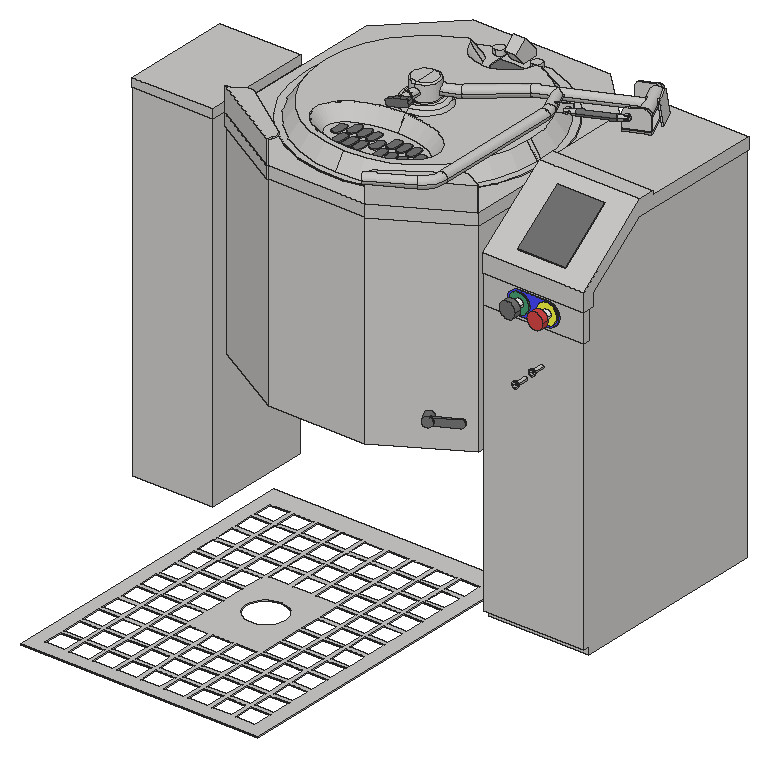
Revit family "QF_DIETATEC_CELER_40_180516034909", category Specialty Equipment, Revit 2015
Parameters
  Width [instance] = 1154 mm
  Weight in Pounds [instance] = 330.69
  Volts [instance] = 400 V
  URL Cutsheet [instance] = ""
  URL = "www.dietatec.com"
  Status [instance] = ""
  Specification by User [instance] = ""
  Specification by Manufacturer [instance] = ""
  Serial Number [instance] = "CELER_40"
  Seismic Rating [instance] = ""
  SMACNA No [instance] = ""
  Revision Code [instance] = ""
  Phase [instance] = 0
  Number of Poles [instance] = 3
  NAFEM Spec ID Number [instance] = ""
  Model = "57630"
  Min Ckt Ampacity [instance] = 0 A
  Max Overcurrent Protection [instance] = 0 A
  Masterspec [instance] = ""
  Manufacturer = "DIETATEC"
  ListPrice [instance] = 0
  Item Number [instance] = ""
  Installed By [instance] = ""
  Identify Quantity as Lot [instance] = yes
  Height [instance] = 1000 mm
  HP [instance] = ""
  Furnished By [instance] = ""
  Foodservice Equipment Identifier [instance] = yes
  FL Amps [instance] = 32 A
  Elec Conn RI Height [instance] = 0 mm
  Elec Conn Connection Height [instance] = 120 mm
  Description = "DIETA CELER 40 KETTLE, ELECTRIC MODEL"
  Depth [instance] = 770 mm
  Cycle [instance] = 50 Hz
  Conn Plug [instance] = ""
  Conn Conduit [instance] = yes
  CSI MasterFormat [instance] = ""
  Assembly Code = "E1090320"
  Apparent Power [instance] = 14500 VA
Reference planes
  plane 1 "Center (Front/Back)": y = 0
  plane 2: z = 0
  plane 3 "Center (Left/Right)": x = 0
Forms (mm)
  Extrusion 1, solid, not visible
    sketch origin (803.5, -97.5, 120) x (1, 0, 0) y (0, 1, 0)
      loop
        line (0, 0) -> (2, 0) -> (2, 2) -> (0, 2) -> (0, 0)
    from 0 to 2
Dimensions and locks
  aligned and locked: level to plane 2
Nested families
  nested 1: "QF_Dietatec_CELER_40_FL" at (0, 0, 0), type "57630_400_3"
    with Width 1154 mm, Status "", Specification by User "", Show Logo yes, Show Clearance yes, Revision Code "", Plumbing Remarks "", Plumbing Connection Type "", Number of Poles 3, ListPrice 0, Item Number "", Installed By "", Identify Quantity as Lot no, Height 1000 mm, Furnished By "", Foodservice Equipment Identifier yes, Electrical Remarks "", Electric Connection Type "", Elec Conn RI Height 0 mm, Elec Conn Connection Height 120 mm, Depth 770 mm, Conn Conduit no, Cold Water RI Height 120 mm, Cold Water Flow 0.0 L/s, Cold Water Consumption "", Cold Water Connection Height 120 mm
  nested 2: "QF_Dietatec_KETTLE_LEFT_LEG" at (0, 0, 0), type "KETTLE_LEFT_LEG"
    with Width 275 mm, Status "", Specification by User "", Show Logo yes, Show Clearance yes, Revision Code "", ListPrice 0, Item Number "", Installed By "", Identify Quantity as Lot no, Height 900 mm, Furnished By "", Foodservice Equipment Identifier yes, Depth 200 mm
Connectors
  electrical at (804.5, -95.5, 121), driven by "Volts"
    settings: on Extrusion 1, index 1, voltage 400 V, apparent load 14500 VA, apparent load phase1 0 VA, apparent load phase2 0 VA, apparent load phase3 0 VA, power factor 1, load classification "Other", number of poles 1, system type 30, power factor state 1, is connector primary yes, connector utility no, sub classification motor no, connector description "Electrical connection"
Definition of nested family "QF_Dietatec_CELER_40_FL"
  Parameters (values of type "57630_400_3")
    Width [instance] = 0 mm
    Weight in Pounds = 330.693
    Watts = 14500 W
    Volts = 400 V
    URL Cutsheet = "www.dietatec.com"
    URL = "www.dietatec.com"
    Status [instance] = ""
    Specification by User [instance] = ""
    Specification by Manufacturer = ""
    Show Logo [instance] = yes
    Show Clearance [instance] = yes
    Serial Number = ""
    Seismic Rating = ""
    SMACNA No = ""
    Revision Code [instance] = ""
    Plumbing Remarks [instance] = ""
    Plumbing Connection Type [instance] = ""
    Phase = 3
    Number of Poles [instance] = 3
    NAFEM Spec ID Number = ""
    Model = "57630.000000000000"
    Min Ckt Ampacity = 0 A
    Max Overcurrent Protection = 0 A
    Masterspec = ""
    Manufacturer = "DIETATEC"
    ListPrice [instance] = 0
    Item Number [instance] = ""
    Installed By [instance] = ""
    Identify Quantity as Lot [instance] = no
    Height [instance] = 0 mm
    HP = "19.444790000000"
    Furnished By [instance] = ""
    Foodservice Equipment Identifier [instance] = yes
    FL Amps = 32 A
    Electrical Remarks [instance] = ""
    Electric Connection Type [instance] = ""
    Elec Conn RI Height [instance] = 0 mm
    Elec Conn Connection Height [instance] = 120 mm
    Description = "DIETA CELER 40 KETTLE, ELECTRIC MODEL"
    Depth [instance] = 0 mm
    Cycle = 50 Hz
    Conn Plug = ""
    Conn Conduit [instance] = no
    Cold Water Temperature Recommended = 0 °C
    Cold Water Size = 12.7 mm
    Cold Water RI Height [instance] = 120 mm
    Cold Water Minimum Pressure = 20000.0 Pa
    Cold Water Maximum Pressure = 50000.0 Pa
    Cold Water Flow [instance] = 0.0 L/s
    Cold Water Consumption [instance] = ""
    Cold Water Connection Height [instance] = 120 mm
    CSI MasterFormat = ""
    Assembly Code = "E1090320"
    Apparent Power = 14500 VA
  Reference planes
    plane 1 "Back": y = 0
    plane 2: z = 0
    plane 3 "Left": x = 0
    plane 4 "Right": x = 950.5
    plane 5 "Front": y = -769.992
    plane 6 "Top": z = 1000
  Forms (mm)
    Extrusion 1, solid
      sketch origin (1853.203, 903.185, 150) x (1, 0, 0) y (0, 1, 0)
        loop
          line (-1804.703, -1372.685) -> (-1804.703, -2172.685) -> (-1204.703, -2172.685) -> (-1204.703, -1372.685) -> (-1804.703, -1372.685)
        loop
          line (-1769.703, -1427.685) -> (-1769.703, -1477.685) -> (-1719.703, -1477.685) -> (-1719.703, -1427.685) -> (-1769.703, -1427.685)
        loop
          line (-1709.703, -1427.685) -> (-1709.703, -1477.685) -> (-1659.703, -1477.685) -> (-1659.703, -1427.685) -> (-1709.703, -1427.685)
        loop
          line (-1649.703, -1427.685) -> (-1649.703, -1477.685) -> (-1599.703, -1477.685) -> (-1599.703, -1427.685) -> (-1649.703, -1427.685)
        loop
          line (-1589.703, -1427.685) -> (-1589.703, -1477.685) -> (-1539.703, -1477.685) -> (-1539.703, -1427.685) -> (-1589.703, -1427.685)
        loop
          line (-1529.703, -1427.685) -> (-1529.703, -1477.685) -> (-1479.703, -1477.685) -> (-1479.703, -1427.685) -> (-1529.703, -1427.685)
        loop
          line (-1469.703, -1427.685) -> (-1469.703, -1477.685) -> (-1419.703, -1477.685) -> (-1419.703, -1427.685) -> (-1469.703, -1427.685)
        loop
          line (-1409.703, -1427.685) -> (-1409.703, -1477.685) -> (-1359.703, -1477.685) -> (-1359.703, -1427.685) -> (-1409.703, -1427.685)
        loop
          line (-1349.703, -1427.685) -> (-1349.703, -1477.685) -> (-1299.703, -1477.685) -> (-1299.703, -1427.685) -> (-1349.703, -1427.685)
        loop
          line (-1289.703, -1427.685) -> (-1289.703, -1477.685) -> (-1239.703, -1477.685) -> (-1239.703, -1427.685) -> (-1289.703, -1427.685)
        loop
          line (-1769.703, -1487.685) -> (-1769.703, -1537.685) -> (-1719.703, -1537.685) -> (-1719.703, -1487.685) -> (-1769.703, -1487.685)
        loop
          line (-1709.703, -1487.685) -> (-1709.703, -1537.685) -> (-1659.703, -1537.685) -> (-1659.703, -1487.685) -> (-1709.703, -1487.685)
        loop
          line (-1649.703, -1487.685) -> (-1649.703, -1537.685) -> (-1599.703, -1537.685) -> (-1599.703, -1487.685) -> (-1649.703, -1487.685)
        loop
          line (-1589.703, -1487.685) -> (-1589.703, -1537.685) -> (-1539.703, -1537.685) -> (-1539.703, -1487.685) -> (-1589.703, -1487.685)
        loop
          line (-1529.703, -1487.685) -> (-1529.703, -1537.685) -> (-1479.703, -1537.685) -> (-1479.703, -1487.685) -> (-1529.703, -1487.685)
        loop
          line (-1469.703, -1487.685) -> (-1469.703, -1537.685) -> (-1419.703, -1537.685) -> (-1419.703, -1487.685) -> (-1469.703, -1487.685)
        loop
          line (-1409.703, -1487.685) -> (-1409.703, -1537.685) -> (-1359.703, -1537.685) -> (-1359.703, -1487.685) -> (-1409.703, -1487.685)
        loop
          line (-1349.703, -1487.685) -> (-1349.703, -1537.685) -> (-1299.703, -1537.685) -> (-1299.703, -1487.685) -> (-1349.703, -1487.685)
        loop
          line (-1289.703, -1487.685) -> (-1289.703, -1537.685) -> (-1239.703, -1537.685) -> (-1239.703, -1487.685) -> (-1289.703, -1487.685)
        loop
          line (-1769.703, -1547.685) -> (-1769.703, -1597.685) -> (-1719.703, -1597.685) -> (-1719.703, -1547.685) -> (-1769.703, -1547.685)
        loop
          line (-1709.703, -1547.685) -> (-1709.703, -1597.685) -> (-1659.703, -1597.685) -> (-1659.703, -1547.685) -> (-1709.703, -1547.685)
        loop
          line (-1649.703, -1547.685) -> (-1649.703, -1597.685) -> (-1599.703, -1597.685) -> (-1599.703, -1547.685) -> (-1649.703, -1547.685)
        loop
          line (-1589.703, -1547.685) -> (-1589.703, -1597.685) -> (-1539.703, -1597.685) -> (-1539.703, -1547.685) -> (-1589.703, -1547.685)
        loop
          line (-1529.703, -1547.685) -> (-1529.703, -1597.685) -> (-1479.703, -1597.685) -> (-1479.703, -1547.685) -> (-1529.703, -1547.685)
        loop
          line (-1469.703, -1547.685) -> (-1469.703, -1597.685) -> (-1419.703, -1597.685) -> (-1419.703, -1547.685) -> (-1469.703, -1547.685)
        loop
          line (-1409.703, -1547.685) -> (-1409.703, -1597.685) -> (-1359.703, -1597.685) -> (-1359.703, -1547.685) -> (-1409.703, -1547.685)
        loop
          line (-1349.703, -1547.685) -> (-1349.703, -1597.685) -> (-1299.703, -1597.685) -> (-1299.703, -1547.685) -> (-1349.703, -1547.685)
        loop
          line (-1289.703, -1547.685) -> (-1289.703, -1597.685) -> (-1239.703, -1597.685) -> (-1239.703, -1547.685) -> (-1289.703, -1547.685)
        loop
          line (-1769.703, -1607.685) -> (-1769.703, -1657.685) -> (-1719.703, -1657.685) -> (-1719.703, -1607.685) -> (-1769.703, -1607.685)
        loop
          line (-1709.703, -1607.685) -> (-1709.703, -1657.685) -> (-1659.703, -1657.685) -> (-1659.703, -1607.685) -> (-1709.703, -1607.685)
        loop
          line (-1649.703, -1607.685) -> (-1649.703, -1657.685) -> (-1599.703, -1657.685) -> (-1599.703, -1607.685) -> (-1649.703, -1607.685)
        loop
          line (-1589.703, -1607.685) -> (-1589.703, -1657.685) -> (-1539.703, -1657.685) -> (-1539.703, -1607.685) -> (-1589.703, -1607.685)
        loop
          line (-1529.703, -1607.685) -> (-1529.703, -1657.685) -> (-1479.703, -1657.685) -> (-1479.703, -1607.685) -> (-1529.703, -1607.685)
        loop
          line (-1469.703, -1607.685) -> (-1469.703, -1657.685) -> (-1419.703, -1657.685) -> (-1419.703, -1607.685) -> (-1469.703, -1607.685)
        loop
          line (-1409.703, -1607.685) -> (-1409.703, -1657.685) -> (-1359.703, -1657.685) -> (-1359.703, -1607.685) -> (-1409.703, -1607.685)
        loop
          line (-1349.703, -1607.685) -> (-1349.703, -1657.685) -> (-1299.703, -1657.685) -> (-1299.703, -1607.685) -> (-1349.703, -1607.685)
        loop
          line (-1289.703, -1607.685) -> (-1289.703, -1657.685) -> (-1239.703, -1657.685) -> (-1239.703, -1607.685) -> (-1289.703, -1607.685)
        loop
          line (-1769.703, -1667.685) -> (-1769.703, -1717.685) -> (-1719.703, -1717.685) -> (-1719.703, -1667.685) -> (-1769.703, -1667.685)
        loop
          line (-1709.703, -1667.685) -> (-1709.703, -1717.685) -> (-1659.703, -1717.685) -> (-1659.703, -1667.685) -> (-1709.703, -1667.685)
        loop
          line (-1649.703, -1667.685) -> (-1649.703, -1717.685) -> (-1599.703, -1717.685) -> (-1599.703, -1667.685) -> (-1649.703, -1667.685)
        loop
          line (-1409.703, -1667.685) -> (-1409.703, -1717.685) -> (-1359.703, -1717.685) -> (-1359.703, -1667.685) -> (-1409.703, -1667.685)
        loop
          line (-1349.703, -1667.685) -> (-1349.703, -1717.685) -> (-1299.703, -1717.685) -> (-1299.703, -1667.685) -> (-1349.703, -1667.685)
        loop
          line (-1289.703, -1667.685) -> (-1289.703, -1717.685) -> (-1239.703, -1717.685) -> (-1239.703, -1667.685) -> (-1289.703, -1667.685)
        loop
          line (-1769.703, -1727.685) -> (-1769.703, -1777.685) -> (-1719.703, -1777.685) -> (-1719.703, -1727.685) -> (-1769.703, -1727.685)
        loop
          line (-1709.703, -1727.685) -> (-1709.703, -1777.685) -> (-1659.703, -1777.685) -> (-1659.703, -1727.685) -> (-1709.703, -1727.685)
        loop
          line (-1649.703, -1727.685) -> (-1649.703, -1777.685) -> (-1599.703, -1777.685) -> (-1599.703, -1727.685) -> (-1649.703, -1727.685)
        loop
          line (-1409.703, -1727.685) -> (-1409.703, -1777.685) -> (-1359.703, -1777.685) -> (-1359.703, -1727.685) -> (-1409.703, -1727.685)
        loop
          line (-1349.703, -1727.685) -> (-1349.703, -1777.685) -> (-1299.703, -1777.685) -> (-1299.703, -1727.685) -> (-1349.703, -1727.685)
        loop
          line (-1289.703, -1727.685) -> (-1289.703, -1777.685) -> (-1239.703, -1777.685) -> (-1239.703, -1727.685) -> (-1289.703, -1727.685)
        loop
          line (-1769.703, -1787.685) -> (-1769.703, -1837.685) -> (-1719.703, -1837.685) -> (-1719.703, -1787.685) -> (-1769.703, -1787.685)
        loop
          line (-1709.703, -1787.685) -> (-1709.703, -1837.685) -> (-1659.703, -1837.685) -> (-1659.703, -1787.685) -> (-1709.703, -1787.685)
        loop
          line (-1649.703, -1787.685) -> (-1649.703, -1837.685) -> (-1599.703, -1837.685) -> (-1599.703, -1787.685) -> (-1649.703, -1787.685)
        loop
          line (-1409.703, -1787.685) -> (-1409.703, -1837.685) -> (-1359.703, -1837.685) -> (-1359.703, -1787.685) -> (-1409.703, -1787.685)
        loop
          line (-1349.703, -1787.685) -> (-1349.703, -1837.685) -> (-1299.703, -1837.685) -> (-1299.703, -1787.685) -> (-1349.703, -1787.685)
        loop
          line (-1289.703, -1787.685) -> (-1289.703, -1837.685) -> (-1239.703, -1837.685) -> (-1239.703, -1787.685) -> (-1289.703, -1787.685)
        loop
          line (-1769.703, -1847.685) -> (-1769.703, -1897.685) -> (-1719.703, -1897.685) -> (-1719.703, -1847.685) -> (-1769.703, -1847.685)
        loop
          line (-1709.703, -1847.685) -> (-1709.703, -1897.685) -> (-1659.703, -1897.685) -> (-1659.703, -1847.685) -> (-1709.703, -1847.685)
        loop
          line (-1649.703, -1847.685) -> (-1649.703, -1897.685) -> (-1599.703, -1897.685) -> (-1599.703, -1847.685) -> (-1649.703, -1847.685)
        loop
          line (-1409.703, -1847.685) -> (-1409.703, -1897.685) -> (-1359.703, -1897.685) -> (-1359.703, -1847.685) -> (-1409.703, -1847.685)
        loop
          line (-1349.703, -1847.685) -> (-1349.703, -1897.685) -> (-1299.703, -1897.685) -> (-1299.703, -1847.685) -> (-1349.703, -1847.685)
        loop
          line (-1289.703, -1847.685) -> (-1289.703, -1897.685) -> (-1239.703, -1897.685) -> (-1239.703, -1847.685) -> (-1289.703, -1847.685)
        loop
          line (-1769.703, -1907.685) -> (-1769.703, -1957.685) -> (-1719.703, -1957.685) -> (-1719.703, -1907.685) -> (-1769.703, -1907.685)
        loop
          line (-1709.703, -1907.685) -> (-1709.703, -1957.685) -> (-1659.703, -1957.685) -> (-1659.703, -1907.685) -> (-1709.703, -1907.685)
        loop
          line (-1649.703, -1907.685) -> (-1649.703, -1957.685) -> (-1599.703, -1957.685) -> (-1599.703, -1907.685) -> (-1649.703, -1907.685)
        loop
          line (-1589.703, -1907.685) -> (-1589.703, -1957.685) -> (-1539.703, -1957.685) -> (-1539.703, -1907.685) -> (-1589.703, -1907.685)
        loop
          line (-1529.703, -1907.685) -> (-1529.703, -1957.685) -> (-1479.703, -1957.685) -> (-1479.703, -1907.685) -> (-1529.703, -1907.685)
        loop
          line (-1469.703, -1907.685) -> (-1469.703, -1957.685) -> (-1419.703, -1957.685) -> (-1419.703, -1907.685) -> (-1469.703, -1907.685)
        loop
          line (-1409.703, -1907.685) -> (-1409.703, -1957.685) -> (-1359.703, -1957.685) -> (-1359.703, -1907.685) -> (-1409.703, -1907.685)
        loop
          line (-1349.703, -1907.685) -> (-1349.703, -1957.685) -> (-1299.703, -1957.685) -> (-1299.703, -1907.685) -> (-1349.703, -1907.685)
        loop
          line (-1289.703, -1907.685) -> (-1289.703, -1957.685) -> (-1239.703, -1957.685) -> (-1239.703, -1907.685) -> (-1289.703, -1907.685)
        loop
          line (-1769.703, -1967.685) -> (-1769.703, -2017.685) -> (-1719.703, -2017.685) -> (-1719.703, -1967.685) -> (-1769.703, -1967.685)
        loop
          line (-1709.703, -1967.685) -> (-1709.703, -2017.685) -> (-1659.703, -2017.685) -> (-1659.703, -1967.685) -> (-1709.703, -1967.685)
        loop
          line (-1649.703, -1967.685) -> (-1649.703, -2017.685) -> (-1599.703, -2017.685) -> (-1599.703, -1967.685) -> (-1649.703, -1967.685)
        loop
          line (-1589.703, -1967.685) -> (-1589.703, -2017.685) -> (-1539.703, -2017.685) -> (-1539.703, -1967.685) -> (-1589.703, -1967.685)
        loop
          line (-1529.703, -1967.685) -> (-1529.703, -2017.685) -> (-1479.703, -2017.685) -> (-1479.703, -1967.685) -> (-1529.703, -1967.685)
        loop
          line (-1469.703, -1967.685) -> (-1469.703, -2017.685) -> (-1419.703, -2017.685) -> (-1419.703, -1967.685) -> (-1469.703, -1967.685)
        loop
          line (-1409.703, -1967.685) -> (-1409.703, -2017.685) -> (-1359.703, -2017.685) -> (-1359.703, -1967.685) -> (-1409.703, -1967.685)
        loop
          line (-1349.703, -1967.685) -> (-1349.703, -2017.685) -> (-1299.703, -2017.685) -> (-1299.703, -1967.685) -> (-1349.703, -1967.685)
        loop
          line (-1289.703, -1967.685) -> (-1289.703, -2017.685) -> (-1239.703, -2017.685) -> (-1239.703, -1967.685) -> (-1289.703, -1967.685)
        loop
          line (-1769.703, -2027.685) -> (-1769.703, -2077.685) -> (-1719.703, -2077.685) -> (-1719.703, -2027.685) -> (-1769.703, -2027.685)
        loop
          line (-1709.703, -2027.685) -> (-1709.703, -2077.685) -> (-1659.703, -2077.685) -> (-1659.703, -2027.685) -> (-1709.703, -2027.685)
        loop
          line (-1649.703, -2027.685) -> (-1649.703, -2077.685) -> (-1599.703, -2077.685) -> (-1599.703, -2027.685) -> (-1649.703, -2027.685)
        loop
          line (-1589.703, -2027.685) -> (-1589.703, -2077.685) -> (-1539.703, -2077.685) -> (-1539.703, -2027.685) -> (-1589.703, -2027.685)
        loop
          line (-1529.703, -2027.685) -> (-1529.703, -2077.685) -> (-1479.703, -2077.685) -> (-1479.703, -2027.685) -> (-1529.703, -2027.685)
        loop
          line (-1469.703, -2027.685) -> (-1469.703, -2077.685) -> (-1419.703, -2077.685) -> (-1419.703, -2027.685) -> (-1469.703, -2027.685)
        loop
          line (-1409.703, -2027.685) -> (-1409.703, -2077.685) -> (-1359.703, -2077.685) -> (-1359.703, -2027.685) -> (-1409.703, -2027.685)
        loop
          line (-1349.703, -2027.685) -> (-1349.703, -2077.685) -> (-1299.703, -2077.685) -> (-1299.703, -2027.685) -> (-1349.703, -2027.685)
        loop
          line (-1289.703, -2027.685) -> (-1289.703, -2077.685) -> (-1239.703, -2077.685) -> (-1239.703, -2027.685) -> (-1289.703, -2027.685)
        loop
          line (-1769.703, -2087.685) -> (-1769.703, -2137.685) -> (-1719.703, -2137.685) -> (-1719.703, -2087.685) -> (-1769.703, -2087.685)
        loop
          line (-1709.703, -2087.685) -> (-1709.703, -2137.685) -> (-1659.703, -2137.685) -> (-1659.703, -2087.685) -> (-1709.703, -2087.685)
        loop
          line (-1649.703, -2087.685) -> (-1649.703, -2137.685) -> (-1599.703, -2137.685) -> (-1599.703, -2087.685) -> (-1649.703, -2087.685)
        loop
          line (-1589.703, -2087.685) -> (-1589.703, -2137.685) -> (-1539.703, -2137.685) -> (-1539.703, -2087.685) -> (-1589.703, -2087.685)
        loop
          line (-1529.703, -2087.685) -> (-1529.703, -2137.685) -> (-1479.703, -2137.685) -> (-1479.703, -2087.685) -> (-1529.703, -2087.685)
        loop
          line (-1469.703, -2087.685) -> (-1469.703, -2137.685) -> (-1419.703, -2137.685) -> (-1419.703, -2087.685) -> (-1469.703, -2087.685)
        loop
          line (-1409.703, -2087.685) -> (-1409.703, -2137.685) -> (-1359.703, -2137.685) -> (-1359.703, -2087.685) -> (-1409.703, -2087.685)
        loop
          line (-1349.703, -2087.685) -> (-1349.703, -2137.685) -> (-1299.703, -2137.685) -> (-1299.703, -2087.685) -> (-1349.703, -2087.685)
        loop
          line (-1289.703, -2087.685) -> (-1289.703, -2137.685) -> (-1239.703, -2137.685) -> (-1239.703, -2087.685) -> (-1289.703, -2087.685)
        loop
          circle (-1504.703, -1772.685) r 50
      from -150 to -148
    Extrusion 2, solid
      sketch origin (-203, -1000, 0) x (0, 1, 0) y (0, 0, 1)
        loop
          line (899, 0) -> (899, 921.5) -> (555.633, 921.5) -> (410.5, 812.65) -> (410.5, 782.65) -> (397.5, 782.65) -> (397.5, 710.15) -> (382, 710.15) -> (382, 19) -> (397.5, 19) -> (397.5, 0) -> (899, 0)
      from 901 to 1152
    Extrusion 3, solid
      sketch origin (-203, 0, 0) x (0, 1, 0) y (0, 0, 1)
        loop
          line (-602.5, 782.65) -> (-618, 782.65) -> (-618, 710.15) -> (-602.5, 710.15) -> (-602.5, 782.65)
      from 901 to 1152
    Extrusion 4, solid
      sketch origin (48.5, -732.029, 6.15) x (1, 0, 0) y (0, 0, 1)
        loop
          circle (740, 741) r 10
      from -112.029 to -90
    Extrusion 5, solid
      sketch origin (48.5, -792.029, 6.15) x (1, 0, 0) y (0, 0, 1)
        loop
          circle (740, 741) r 20
      from -150 to -135
    Extrusion 6, solid
      sketch origin (48.5, -768, 6.15) x (1, 0, 0) y (0, 0, 1)
        loop
          circle (740, 741) r 25
      from -150 to -148
    Extrusion 7, solid
      sketch origin (118.5, -732.029, 6.15) x (1, 0, 0) y (0, 0, 1)
        loop
          circle (740, 741) r 10
      from -112.029 to -90
    Extrusion 8, solid
      sketch origin (118.5, -792.029, 6.15) x (1, 0, 0) y (0, 0, 1)
        loop
          circle (740, 741) r 20
      from -150 to -135
    Extrusion 9, solid
      sketch origin (118.5, -768, 6.15) x (1, 0, 0) y (0, 0, 1)
        loop
          circle (740, 741) r 25
      from -150 to -148
    Extrusion 10, solid
      sketch origin (130.5, -767, -53.35) x (1, 0, 0) y (0, 0, 1)
        loop
          arc (658, 830.5) -> (628, 800.5) -> (658, 770.5) r 30
          line (658, 770.5) -> (728, 770.5)
          arc (728, 770.5) -> (758, 800.5) -> (728, 830.5) r 30
          line (728, 830.5) -> (658, 830.5)
      from -150 to -148
    Extrusion 11, solid
      sketch origin (-203, 0, 0) x (0, 1, 0) y (0, 0, 1)
        loop
          line (-468.4, 941.6) -> (-593.2, 848) -> (-592, 846.4) -> (-467.2, 940) -> (-468.4, 941.6)
      from 966.5 to 1086.5
    Revolve 12, solid
      sketch origin (-203, 0, 580) x (1, 0, 0) y (0, 1, 0)
        loop
          line (1009.5, -618.013) -> (1005.5, -618.013) -> (1005.5, -651) -> (1012.485, -651)
          arc (1012.485, -651) -> (1012.849, -650.849) -> (1013, -650.485) r 0.515
          line (1013, -650.485) -> (1013, -648.5) -> (1009.5, -648.5) -> (1009.5, -618.013)
        axis (1005.5, -651) -> (1005.5, -618.013)
      angle from 0 to 360
    Revolve 13, solid
      sketch origin (-161, 0, 622) x (1, 0, 0) y (0, 1, 0)
        loop
          line (1009.5, -618.003) -> (1005.5, -618.003) -> (1005.5, -651) -> (1012.485, -651)
          arc (1012.485, -651) -> (1012.849, -650.849) -> (1013, -650.485) r 0.515
          line (1013, -650.485) -> (1013, -648.5) -> (1009.5, -648.5) -> (1009.5, -618.003)
        axis (1005.5, -651) -> (1005.5, -618.003)
      angle from 0 to 360
    Revolve 14, solid
      sketch origin (-203, -476, 0) x (1, 0, 0) y (0, 0, 1)
        loop
          line (204.5, 825) -> (201.5, 825) -> (201.5, 775) -> (233, 775) -> (233, 837.5) -> (232.15, 837.5) -> (232.15, 824.35)
          arc (232.15, 824.35) -> (230.796, 821.35) -> (227.65, 820.381) r 4
          line (227.65, 820.381) -> (227.65, 819.45) -> (213, 819.45) -> (213, 818.5) -> (204.5, 818.5) -> (204.5, 825)
        axis (233, 775) -> (201.5, 775)
      angle from 0 to 360
    Revolve 15, solid
      sketch origin (900, -476, 0) x (-1, 0, 0) y (0, 0, -1)
        loop
          line (204.5, -825) -> (204.5, -818.5) -> (213, -818.5) -> (213, -819.45) -> (227.65, -819.45) -> (227.65, -820.381)
          arc (227.65, -820.381) -> (230.796, -821.35) -> (232.15, -824.35) r 4
          line (232.15, -824.35) -> (232.15, -837.5) -> (233, -837.5) -> (233, -775) -> (201.5, -775) -> (201.5, -825) -> (204.5, -825)
        axis (233, -775) -> (201.5, -775)
      angle from 0 to 360
    Extrusion 16, solid
      sketch origin (-203, 0, 0) x (1, 0, 0) y (0, 1, 0)
        loop
          line (722.48, -3.3) -> (380.52, -3.3) -> (233.3, -150.52) -> (233.3, -596.343) -> (430.16, -710) -> (672.84, -710) -> (869.7, -596.343) -> (869.7, -150.52) -> (722.48, -3.3)
      from 356.422 to 870
    Extrusion 17, solid
      sketch origin (-203, 0, 27) x (1, 0, 0) y (0, 1, 0)
        loop
          line (430.16, -710) -> (672.84, -710) -> (674, -709.33) -> (675.65, -712.188) -> (873, -598.248) -> (873, -149.153) -> (723.847, 0) -> (379.153, 0) -> (230, -149.153) -> (230, -598.248) -> (427.35, -712.188) -> (429, -709.33) -> (430.16, -710)
      from 843 to 873
    Extrusion 18, solid
      sketch origin (-203, 0, 1020) x (1, 0, 0) y (0, 1, 0)
        loop
          line (674, -709.33) -> (675.65, -712.188) -> (870.593, -599.638) -> (868.943, -596.78) -> (674, -709.33)
        loop
          line (429, -709.33) -> (234.057, -596.78) -> (232.407, -599.638) -> (427.35, -712.188) -> (429, -709.33)
      from -120 to -59.435
    Extrusion 19, solid
      sketch origin (-203, 0, 1040) x (1, 0, 0) y (0, 1, 0)
        loop
          line (241.167, -594.601) -> (234.057, -596.78) -> (232.407, -599.638) -> (427.35, -712.188) -> (433.173, -702.102)
          arc (433.173, -702.102) -> (435.379, -687.773) -> (427.324, -675.719) r 20
          line (427.324, -675.719) -> (290.139, -579.661)
          arc (290.139, -579.661) -> (279.54, -576.063) -> (268.668, -578.723) r 20
          line (268.668, -578.723) -> (241.167, -594.601)
        loop
          line (861.833, -594.601) -> (834.332, -578.723)
          arc (834.332, -578.723) -> (823.46, -576.063) -> (812.861, -579.661) r 20
          line (812.861, -579.661) -> (675.676, -675.719)
          arc (675.676, -675.719) -> (667.621, -687.773) -> (669.827, -702.102) r 20
          line (669.827, -702.102) -> (675.65, -712.188) -> (870.593, -599.638) -> (868.943, -596.78) -> (861.833, -594.601)
      from -81.15 to -78.15
    Revolve 20, solid
      sketch origin (348.5, 0, 0) x (0, 1, 0) y (0, 0, 1)
        loop
          line (-366, 995.5) -> (-366, 937.455) -> (-307.025, 937.455) -> (-312.103, 946.25)
          arc (-312.103, 946.25) -> (-315.946, 950.093) -> (-321.196, 951.5) r 10.5
          line (-321.196, 951.5) -> (-331, 951.5) -> (-331, 953.5) -> (-332.5, 953.5) -> (-332.5, 992) -> (-336, 995.5) -> (-366, 995.5)
        axis (-366, 937.455) -> (-366, 995.5)
      angle from 0 to 360
    Extrusion 21, solid
      sketch origin (-203, 0, 879.5) x (1, 0, 0) y (0, 1, 0)
        loop
          arc (471.1, -61.974) -> (312.628, -169.506) -> (251.5, -351) r 300
          line (251.5, -351) -> (251.5, -366)
          arc (251.5, -366) -> (551.5, -666) -> (851.5, -366) r 300
          line (851.5, -366) -> (851.5, -351)
          arc (851.5, -351) -> (790.372, -169.506) -> (631.9, -61.974) r 300
          arc (631.9, -61.974) -> (625.262, -60.605) -> (618.5, -60.145) r 50
          line (618.5, -60.145) -> (599, -60.145)
          arc (599, -60.145) -> (590.161, -63.806) -> (586.5, -72.645) r 12.5
          arc (586.5, -72.645) -> (585.938, -92.703) -> (584.308, -112.702) r 376.25
          arc (584.308, -112.702) -> (551.5, -142.145) -> (518.692, -112.702) r 33
          arc (518.692, -112.702) -> (517.061, -92.687) -> (516.5, -72.613) r 376.25
          arc (516.5, -72.613) -> (512.828, -63.795) -> (504, -60.145) r 12.5
          line (504, -60.145) -> (484.5, -60.145)
          arc (484.5, -60.145) -> (477.738, -60.605) -> (471.1, -61.974) r 50
      from 20 to 22
    Blend 22, solid
      base sketch origin (-203, 0, 0) x (1, 0, 0) y (0, 1, 0)
        loop
          arc (445.186, -92.991) -> (316.303, -197.386) -> (267.817, -356) r 283.683
          line (267.817, -356) -> (267.817, -366)
          arc (267.817, -366) -> (350.906, -566.594) -> (551.5, -649.683) r 283.683
          line (551.5, -649.683) -> (551.5, -579.36)
          spline (551.5, -579.36) -> (518.804, -577.269) -> (488.336, -571.139) -> (462.172, -561.388) -> (442.096, -548.68) -> (429.476, -533.881) -> (425.171, -518) -> (429.476, -502.119) -> (442.096, -487.32) -> (462.172, -474.612) -> (488.336, -464.861) -> (518.804, -458.731) -> (551.5, -456.64)
          line (551.5, -456.64) -> (551.5, -157.317)
          arc (551.5, -157.317) -> (519.464, -146.743) -> (500.017, -119.177) r 53.817
          arc (500.017, -119.177) -> (478.368, -94.01) -> (445.186, -92.991) r 41.183
      top sketch origin (-203, 0, 0) x (1, 0, 0) y (0, 1, 0)
        loop
          arc (455.212, -117.796) -> (338.484, -212.345) -> (294.571, -356) r 256.929
          line (294.571, -356) -> (294.571, -366)
          arc (294.571, -366) -> (369.824, -547.676) -> (551.5, -622.929) r 256.929
          line (551.5, -622.929) -> (551.5, -608)
          spline (551.5, -608) -> (511.332, -604.933) -> (473.902, -595.942) -> (441.76, -581.639) -> (417.096, -563) -> (401.592, -541.294) -> (396.304, -518) -> (401.592, -494.706) -> (417.096, -473) -> (441.76, -454.361) -> (473.902, -440.058) -> (511.332, -431.067) -> (551.5, -428)
          line (551.5, -428) -> (551.5, -184.071)
          arc (551.5, -184.071) -> (503.538, -168.24) -> (474.423, -126.97) r 80.571
          arc (474.423, -126.97) -> (466.838, -118.153) -> (455.212, -117.796) r 14.429
      from 901.5 to 937.63
    Extrusion 23, solid
      sketch origin (-203, 0, 0) x (0, 1, 0) y (0, 0, 1)
        loop
          line (-37.248, 900) -> (-37.248, 917.876) -> (-67.284, 953.672) -> (-97.926, 927.96) -> (-74.464, 900) -> (-37.248, 900)
      from 536.5 to 566.5
    Extrusion 24, solid
      sketch origin (-203, -420, 0) x (1, 0, 0) y (0, 0, 1)
        loop
          arc (524.133, 972.678) -> (522.051, 970.677) -> (521.857, 967.795) r 4.004
          line (521.857, 967.795) -> (523.853, 961.376)
          arc (523.853, 961.376) -> (525.646, 959.116) -> (528.494, 958.65) r 4
          line (528.494, 958.65) -> (545.58, 962.233) -> (562.767, 967.58) -> (578.87, 974.324)
          arc (578.87, 974.324) -> (580.95, 976.323) -> (581.145, 979.201) r 4
          line (581.145, 979.201) -> (579.147, 985.624)
          arc (579.147, 985.624) -> (577.354, 987.884) -> (574.506, 988.35) r 4
          line (574.506, 988.35) -> (557.42, 984.767) -> (540.233, 979.42) -> (524.133, 972.678)
      from 23.355 to 35.355
    Revolve 25, solid
      sketch origin (-203, 0, 973.5) x (1, 0, 0) y (0, 1, 0)
        loop
          line (541.5, -394.5) -> (541.5, -418.855) -> (542.908, -418.855) -> (542.908, -421.355) -> (547, -421.355) -> (547, -423.355) -> (542.5, -423.355) -> (542.5, -443.355) -> (551.5, -443.355) -> (551.5, -394.5) -> (541.5, -394.5)
        axis (551.5, -443.355) -> (551.5, -394.5)
      angle from 0 to 360
    Sweep 26, solid
      path origin (-203, 0, 991.467) x (1, 0, 0) y (0, 1, 0)
        loop
          line (713.848, -769.992) -> (810.092, -714.426)
          arc (810.092, -714.426) -> (832.969, -691.549) -> (841.342, -660.299) r 62.5
          line (841.342, -660.299) -> (841.342, -336.028)
          arc (841.342, -336.028) -> (839.861, -322.501) -> (835.486, -309.615) r 62.5
          line (835.486, -309.615) -> (806.642, -247.757)
      profile origin (638.342, -498.164, 991.467) x (-1, 0, 0) y (0, 0, 1)
        loop
          circle (12.5, 0) r 12.5
    Sweep 27, solid
      path origin (-142.68, -595.041, 0) x (0.906308, 0.422618, 0) y (0, 0, 1)
        loop
          line (564.254, 957.5) -> (619.254, 957.5) -> (759.731, 979) -> (989.731, 979)
      profile origin (393.631, -344.955, 957.5) x (0, 0, 1) y (0.422618, -0.906308, 0)
        loop
          circle (12.5, 0) r 12.5
    Extrusion 28, solid
      sketch origin (386.171, -935.322, 129.076) x (0.866025, 0.5, 0) y (0, 0, 1)
        loop
          circle (315, 303) r 12
      from -150 to -125
    Extrusion 29, solid
      sketch origin (395.171, -950.91, 129.076) x (0.866025, 0.5, 0) y (0, 0, 1)
        loop
          line (321.633, 293) -> (381, 293)
          arc (381, 293) -> (391, 303) -> (381, 313) r 10
          line (381, 313) -> (321.633, 313)
          arc (321.633, 313) -> (327, 303) -> (321.633, 293) r 12
      from -150 to -145
    Extrusion 30, solid
      sketch origin (-203, 0, 950) x (1, 0, 0) y (0, 1, 0)
        loop
          line (858.004, -281.002) -> (817.22, -300.02) -> (818.488, -302.739) -> (859.272, -283.721) -> (858.004, -281.002)
      from 30 to 53
    Revolve 31, solid
      sketch origin (-203, 0, 991.5) x (1, 0, 0) y (0, 1, 0)
        loop
          line (870.848, -285.378) -> (847.634, -296.204)
          arc (847.634, -296.204) -> (847.606, -298.584) -> (848.28, -300.868) r 8
          line (848.28, -300.868) -> (872.75, -289.457) -> (870.848, -285.378)
        loop
          line (944.709, -250.937) -> (946.611, -255.015) -> (971.081, -243.604)
          arc (971.081, -243.604) -> (969.765, -241.62) -> (967.924, -240.112) r 8
          line (967.924, -240.112) -> (944.709, -250.937)
        axis (848.28, -300.868) -> (971.081, -243.604)
      angle from 0 to 360
    Revolve 32, solid
      sketch origin (-203, 0, 991.5) x (1, 0, 0) y (0, 1, 0)
        loop
          line (872.524, -289.563) -> (946.841, -254.908) -> (943.671, -248.111) -> (869.354, -282.765) -> (872.524, -289.563)
        axis (872.524, -289.563) -> (946.841, -254.908)
      angle from 0 to 360
    Revolve 33, solid
      sketch origin (-203, 0, 991.83) x (1, 0, 0) y (0, 1, 0)
        loop
          line (856.34, -305.494) -> (858.742, -304.375) -> (845.326, -275.604) -> (843.514, -276.449) -> (843.03, -277.778) -> (848.207, -288.881) -> (846.394, -289.726) -> (847.602, -292.316)
          arc (847.602, -292.316) -> (848.524, -291.928) -> (849.43, -291.504) r 25
          line (849.43, -291.504) -> (851.438, -294.982) -> (856.34, -305.494)
        axis (845.326, -275.604) -> (858.742, -304.375)
      angle from 0 to 360
    Revolve 34, solid
      sketch origin (1082.87, 599.611, 991.83) x (-0.642788, -0.766044, 0) y (0.766044, -0.642788, 0)
        loop
          line (856.34, 305.494) -> (851.438, 294.982) -> (849.43, 291.504)
          arc (849.43, 291.504) -> (848.524, 291.928) -> (847.602, 292.316) r 25
          line (847.602, 292.316) -> (846.394, 289.726) -> (848.207, 288.881) -> (843.03, 277.778) -> (843.514, 276.449) -> (845.326, 275.604) -> (858.742, 304.375) -> (856.34, 305.494)
        axis (845.326, 275.604) -> (858.742, 304.375)
      angle from 0 to 360
    Extrusion 35, solid
      sketch origin (-723.621, -648.922, 0) x (0.906308, 0.422618, 0) y (0, 0, 1)
        loop
          arc (1518.24, 1010.5) -> (1507.633, 1006.107) -> (1503.24, 995.5) r 15
          line (1503.24, 995.5) -> (1503.24, 961.15) -> (1563.24, 961.15) -> (1563.24, 995.5)
          arc (1563.24, 995.5) -> (1558.846, 1006.107) -> (1548.24, 1010.5) r 15
          line (1548.24, 1010.5) -> (1518.24, 1010.5)
      from 141.433 to 145.433
    Extrusion 36, solid
      sketch origin (-678.612, -745.444, 0) x (0.906308, 0.422618, 0) y (0, 0, 1)
        loop
          arc (1518.24, 1010.5) -> (1507.633, 1006.107) -> (1503.24, 995.5) r 15
          line (1503.24, 995.5) -> (1503.24, 961.15) -> (1563.24, 961.15) -> (1563.24, 995.5)
          arc (1563.24, 995.5) -> (1558.846, 1006.107) -> (1548.24, 1010.5) r 15
          line (1548.24, 1010.5) -> (1518.24, 1010.5)
      from 141.433 to 145.433
    Extrusion 37, solid
      sketch origin (-133.615, -590.593, 0) x (0.906308, 0.422618, 0) y (0, 0, 1)
        loop
          circle (988.861, 991.5) r 15
      from -51.05 to 51.45
    Extrusion 38, solid
      sketch origin (-203, 0, 898.3) x (1, 0, 0) y (0, 1, 0)
        loop
          arc (586.069, -90.158) -> (551.5, -88) -> (516.931, -90.158) r 278
          arc (516.931, -90.158) -> (517.642, -101.443) -> (518.692, -112.702) r 376.25
          arc (518.692, -112.702) -> (551.5, -142.145) -> (584.308, -112.702) r 33
          arc (584.308, -112.702) -> (585.358, -101.443) -> (586.069, -90.158) r 376.25
      from 0 to 2
    Extrusion 39, solid
      sketch origin (251.619, 1234.156, 0) x (0.422618, -0.906308, 0) y (0, 0, 1)
        loop
          line (1435.928, 961.15) -> (1435.928, 959.475)
          arc (1435.928, 959.475) -> (1438.263, 953.836) -> (1443.902, 951.5) r 7.975
          line (1443.902, 951.5) -> (1538.453, 951.5)
          arc (1538.453, 951.5) -> (1544.092, 953.836) -> (1546.428, 959.475) r 7.975
          line (1546.428, 959.475) -> (1546.428, 961.15) -> (1542.428, 961.15) -> (1542.428, 959.475)
          arc (1542.428, 959.475) -> (1541.263, 956.664) -> (1538.453, 955.5) r 3.975
          line (1538.453, 955.5) -> (1443.902, 955.5)
          arc (1443.902, 955.5) -> (1441.092, 956.664) -> (1439.928, 959.475) r 3.975
          line (1439.928, 959.475) -> (1439.928, 961.15) -> (1435.928, 961.15)
      from 116.451 to 176.451
    Extrusion 40, solid
      sketch origin (506.129, 845.214, 13.851) x (0.421008, -0.907057, 0) y (-0.153433, -0.071216, 0.985589)
        loop
          line (1006.415, 961.15) -> (1056.415, 961.15) -> (1056.415, 1013.467)
          arc (1056.415, 1013.467) -> (1054.95, 1017.002) -> (1051.415, 1018.467) r 5
          arc (1051.415, 1018.467) -> (1031.415, 1014.603) -> (1011.415, 1018.467) r 53.69
          arc (1011.415, 1018.467) -> (1007.879, 1017.002) -> (1006.415, 1013.467) r 5
          line (1006.415, 1013.467) -> (1006.415, 961.15)
      from 0 to 4
    Extrusion 41, solid, visible <- "Show Clearance", detail levels coarse
      sketch origin (167, 44, 0) x (1, 0, 0) y (0, 1, 0)
        loop
          line (-370, -44) -> (783.5, -44) -> (783.5, 176.5) -> (-370, 176.5) -> (-370, -44)
      from 0 to 1013
    Extrusion 42, solid
      sketch origin (-56.5, -247.5, -68) x (1, 0, 0) y (0, 0, 1)
        loop
          circle (930, 278) r 15
      from -150 to -146.5
    Extrusion 43, solid
      sketch origin (-56.5, -247.5, -158) x (1, 0, 0) y (0, 0, 1)
        loop
          circle (930, 278) r 15
      from -150 to -146.5
    Extrusion 44, solid
      sketch origin (-126.5, -247.5, -158) x (1, 0, 0) y (0, 0, 1)
        loop
          circle (930, 278) r 15
      from -150 to -146.5
    Extrusion 45, solid
      sketch origin (-56.5, -247.5, -113) x (1, 0, 0) y (0, 0, 1)
        loop
          circle (930, 278) r 15
      from -150 to -146.5
    Extrusion 46, solid, visible <- "Show Clearance", detail levels coarse
      sketch origin (-1701.691, -1163.635, 0) x (0.906308, 0.422618, 0) y (0, 0, 1)
        loop
          arc (2655.064, 1697.495) -> (2117.759, 1474.936) -> (1895.2, 937.63) r 759.865
          line (1895.2, 937.63) -> (2655.064, 937.63) -> (2655.064, 1697.495)
      from -156.455 to 443.545
    Blend 47, solid
      base sketch origin (900, 0, 0) x (-1, 0, 0) y (0, -1, 0)
        loop
          arc (445.186, 92.991) -> (478.368, 94.01) -> (500.017, 119.177) r 41.183
          arc (500.017, 119.177) -> (519.464, 146.743) -> (551.5, 157.317) r 53.817
          line (551.5, 157.317) -> (551.5, 456.64)
          spline (551.5, 456.64) -> (518.804, 458.731) -> (488.336, 464.861) -> (462.172, 474.612) -> (442.096, 487.32) -> (429.476, 502.119) -> (425.171, 518) -> (429.476, 533.881) -> (442.096, 548.68) -> (462.172, 561.388) -> (488.336, 571.139) -> (518.804, 577.269) -> (551.5, 579.36)
          line (551.5, 579.36) -> (551.5, 649.683)
          arc (551.5, 649.683) -> (350.906, 566.594) -> (267.817, 366) r 283.683
          line (267.817, 366) -> (267.817, 356)
          arc (267.817, 356) -> (316.303, 197.386) -> (445.186, 92.991) r 283.683
      top sketch origin (900, 0, 0) x (-1, 0, 0) y (0, -1, 0)
        loop
          arc (455.212, 117.796) -> (466.838, 118.153) -> (474.423, 126.97) r 14.429
          arc (474.423, 126.97) -> (503.538, 168.24) -> (551.5, 184.071) r 80.571
          line (551.5, 184.071) -> (551.5, 428)
          spline (551.5, 428) -> (511.332, 431.067) -> (473.902, 440.058) -> (441.76, 454.361) -> (417.096, 473) -> (401.592, 494.706) -> (396.304, 518) -> (401.592, 541.294) -> (417.096, 563) -> (441.76, 581.639) -> (473.902, 595.942) -> (511.332, 604.933) -> (551.5, 608)
          line (551.5, 608) -> (551.5, 622.929)
          arc (551.5, 622.929) -> (369.824, 547.676) -> (294.571, 366) r 256.929
          line (294.571, 366) -> (294.571, 356)
          arc (294.571, 356) -> (338.484, 212.345) -> (455.212, 117.796) r 256.929
      from 901.5 to 937.63
    Extrusion 48, solid
      sketch origin (-203, 0, 1000) x (1, 0, 0) y (0, 1, 0)
        loop
          spline (423.171, -518) -> (427.727, -534.844) -> (440.808, -550.212) -> (461.302, -563.186) -> (487.796, -573.064) -> (518.546, -579.252) -> (551.5, -581.36) -> (584.454, -579.252) -> (615.203, -573.064) -> (641.698, -563.186) -> (662.192, -550.212) -> (675.273, -534.844) -> (679.829, -518)
          spline (679.829, -518) -> (675.273, -501.156) -> (662.192, -485.788) -> (641.698, -472.814) -> (615.203, -462.936) -> (584.454, -456.748) -> (551.5, -454.64) -> (518.546, -456.748) -> (487.796, -462.936) -> (461.302, -472.814) -> (440.808, -485.788) -> (427.727, -501.156) -> (423.171, -518)
      from -99 to -95
    Extrusion 49, solid
      sketch origin (-203, 0, 903.3) x (1, 0, 0) y (0, 1, 0)
        loop
          line (441.5, -503) -> (441.5, -523)
          arc (441.5, -523) -> (451.5, -533) -> (461.5, -523) r 10
          line (461.5, -523) -> (461.5, -503)
          arc (461.5, -503) -> (451.5, -493) -> (441.5, -503) r 10
        loop
          arc (486.5, -530.5) -> (476.5, -520.5) -> (466.5, -530.5) r 10
          line (466.5, -530.5) -> (466.5, -550.5)
          arc (466.5, -550.5) -> (476.5, -560.5) -> (486.5, -550.5) r 10
          line (486.5, -550.5) -> (486.5, -530.5)
        loop
          arc (491.5, -550.5) -> (501.5, -560.5) -> (511.5, -550.5) r 10
          line (511.5, -550.5) -> (511.5, -530.5)
          arc (511.5, -530.5) -> (501.5, -520.5) -> (491.5, -530.5) r 10
          line (491.5, -530.5) -> (491.5, -550.5)
        loop
          arc (516.5, -550.5) -> (526.5, -560.5) -> (536.5, -550.5) r 10
          line (536.5, -550.5) -> (536.5, -530.5)
          arc (536.5, -530.5) -> (526.5, -520.5) -> (516.5, -530.5) r 10
          line (516.5, -530.5) -> (516.5, -550.5)
        loop
          arc (541.5, -527.75) -> (551.5, -537.75) -> (561.5, -527.75) r 10
          line (561.5, -527.75) -> (561.5, -507.75)
          arc (561.5, -507.75) -> (551.5, -497.75) -> (541.5, -507.75) r 10
          line (541.5, -507.75) -> (541.5, -527.75)
        loop
          line (466.5, -485.5) -> (466.5, -505.5)
          arc (466.5, -505.5) -> (476.5, -515.5) -> (486.5, -505.5) r 10
          line (486.5, -505.5) -> (486.5, -485.5)
          arc (486.5, -485.5) -> (476.5, -475.5) -> (466.5, -485.5) r 10
        loop
          arc (491.5, -505.5) -> (501.5, -515.5) -> (511.5, -505.5) r 10
          line (511.5, -505.5) -> (511.5, -485.5)
          arc (511.5, -485.5) -> (501.5, -475.5) -> (491.5, -485.5) r 10
          line (491.5, -485.5) -> (491.5, -505.5)
        loop
          line (516.5, -485.5) -> (516.5, -505.5)
          arc (516.5, -505.5) -> (526.5, -515.5) -> (536.5, -505.5) r 10
          line (536.5, -505.5) -> (536.5, -485.5)
          arc (536.5, -485.5) -> (526.5, -475.5) -> (516.5, -485.5) r 10
        loop
          arc (586.5, -530.5) -> (576.5, -520.5) -> (566.5, -530.5) r 10
          line (566.5, -530.5) -> (566.5, -550.5)
          arc (566.5, -550.5) -> (576.5, -560.5) -> (586.5, -550.5) r 10
          line (586.5, -550.5) -> (586.5, -530.5)
        loop
          arc (566.5, -505.5) -> (576.5, -515.5) -> (586.5, -505.5) r 10
          line (586.5, -505.5) -> (586.5, -485.5)
          arc (586.5, -485.5) -> (576.5, -475.5) -> (566.5, -485.5) r 10
          line (566.5, -485.5) -> (566.5, -505.5)
        loop
          line (591.5, -485.5) -> (591.5, -505.5)
          arc (591.5, -505.5) -> (601.5, -515.5) -> (611.5, -505.5) r 10
          line (611.5, -505.5) -> (611.5, -485.5)
          arc (611.5, -485.5) -> (601.5, -475.5) -> (591.5, -485.5) r 10
        loop
          arc (611.5, -530.5) -> (601.5, -520.5) -> (591.5, -530.5) r 10
          line (591.5, -530.5) -> (591.5, -550.5)
          arc (591.5, -550.5) -> (601.5, -560.5) -> (611.5, -550.5) r 10
          line (611.5, -550.5) -> (611.5, -530.5)
        loop
          line (616.5, -530.5) -> (616.5, -550.5)
          arc (616.5, -550.5) -> (626.5, -560.5) -> (636.5, -550.5) r 10
          line (636.5, -550.5) -> (636.5, -530.5)
          arc (636.5, -530.5) -> (626.5, -520.5) -> (616.5, -530.5) r 10
        loop
          arc (616.5, -505.5) -> (626.5, -515.5) -> (636.5, -505.5) r 10
          line (636.5, -505.5) -> (636.5, -485.5)
          arc (636.5, -485.5) -> (626.5, -475.5) -> (616.5, -485.5) r 10
          line (616.5, -485.5) -> (616.5, -505.5)
        loop
          line (641.5, -503) -> (641.5, -523)
          arc (641.5, -523) -> (651.5, -533) -> (661.5, -523) r 10
          line (661.5, -523) -> (661.5, -503)
          arc (661.5, -503) -> (651.5, -493) -> (641.5, -503) r 10
      from 0 to 2
    Extrusion 50, solid
      sketch origin (-203, 0, 901.5) x (1, 0, 0) y (0, 1, 0)
        loop
          circle (504, -72.645) r 12.5
        loop
          circle (599, -72.645) r 12.5
      from 0 to 12
    Extrusion 51, solid
      sketch origin (-203, -1000, 0) x (0, 1, 0) y (0, 0, 1)
        loop
          line (900.5, 921.5) -> (900.5, 951.5) -> (600.5, 951.5) -> (600.5, 961.15) -> (558.5, 961.15) -> (380.5, 827.65) -> (380.5, 782.65) -> (410.5, 782.65) -> (410.5, 812.65) -> (555.633, 921.5) -> (900.5, 921.5)
      from 899.5 to 1153.5
  Cuts and joins
    joined: Extrusion 18, Extrusion 19
    joined: Blend 22, Blend 47
  Lines and regions (mm)
    symbolic lines, visible <- "Show Clearance", detail levels coarse
      curve 1: line (950.5, 220.5, 0) -> (-203, 220.5, 0)
    symbolic lines
      curve 2: line (176.153, 0, 0) -> (27, -149.153, 0)
      curve 3: line (27, -149.153, 0) -> (27, -598.248, 0)
      curve 4: line (176.153, 0, 0) -> (520.847, 0, 0)
      curve 5: line (670, -149.153, 0) -> (520.847, 0, 0)
      curve 6: line (670, -598.248, 0) -> (670, -149.153, 0)
      curve 7: line (27, -598.248, 0) -> (48.5, -610.661, 0)
      curve 8: line (48.5, -610.661, 0) -> (48.5, -1269.5, 0)
      curve 9: line (48.5, -1269.5, 0) -> (648.5, -1269.5, 0)
      curve 10: line (648.5, -1269.5, 0) -> (648.5, -637.219, 0)
      curve 11: line (648.5, -637.219, 0) -> (661.287, -629.836, 0)
      curve 12: line (661.287, -629.836, 0) -> (658.787, -625.506, 0)
      curve 13: line (658.787, -625.506, 0) -> (648.5, -631.446, 0)
      curve 14: line (648.5, -631.446, 0) -> (648.5, -610.661, 0)
      curve 15: line (648.5, -610.661, 0) -> (670, -598.248, 0)
      curve 16: line (1.5, -426, 0) -> (0, -426, 0)
      curve 17: line (1.5, -426, 0) -> (1.5, -432.5, 0)
      curve 18: line (1.5, -432.5, 0) -> (10, -432.5, 0)
      curve 19: line (10, -432.5, 0) -> (10, -431.55, 0)
      curve 20: line (10, -431.55, 0) -> (24.65, -431.55, 0)
      curve 21: line (24.65, -431.55, 0) -> (24.65, -430.619, 0)
      curve 22: arc (24.65, -430.619, 0) -> (25.866, -430.599, 0) -> (27, -430.162, 0) r 3.478
      curve 23: line (696.5, -99.5, 0) -> (696.5, -619.5, 0)
      curve 24: line (696.5, -619.5, 0) -> (950.5, -619.5, 0)
      curve 25: line (950.5, -99.5, 0) -> (696.5, -99.5, 0)
      curve 26: line (950.5, -99.5, 0) -> (950.5, -619.5, 0)
      curve 27: line (778.5, -642.029, 0) -> (778.5, -619.5, 0)
      curve 28: line (778.5, -642.029, 0) -> (768.5, -642.029, 0)
      curve 29: line (768.5, -642.029, 0) -> (768.5, -657.029, 0)
      curve 30: line (768.5, -657.029, 0) -> (808.5, -657.029, 0)
      curve 31: line (808.5, -657.029, 0) -> (808.5, -642.029, 0)
      curve 32: line (808.5, -642.029, 0) -> (806.437, -642.029, 0)
      curve 33: line (806.437, -642.029, 0) -> (806.437, -619.5, 0)
      curve 34: line (838.5, -642.029, 0) -> (840.454, -642.029, 0)
      curve 35: line (840.454, -642.029, 0) -> (840.454, -619.5, 0)
      curve 36: line (838.5, -642.029, 0) -> (838.5, -657.029, 0)
      curve 37: line (838.5, -657.029, 0) -> (878.5, -657.029, 0)
      curve 38: line (878.5, -657.029, 0) -> (878.5, -642.029, 0)
      curve 39: line (878.5, -642.029, 0) -> (868.5, -642.029, 0)
      curve 40: line (868.5, -642.029, 0) -> (868.5, -619.5, 0)
      curve 41: line (763.5, -468.4, 0) -> (883.5, -468.4, 0)
      curve 42: line (763.5, -593.2, 0) -> (763.5, -468.4, 0)
      curve 43: line (883.5, -593.2, 0) -> (763.5, -593.2, 0)
      curve 44: line (883.5, -468.4, 0) -> (883.5, -593.2, 0)
      curve 45: line (950.5, -399.5, 0) -> (696.5, -399.5, 0)
      curve 46: line (696.5, -441.5, 0) -> (950.5, -441.5, 0)
      curve 47: line (752.928, -116.451, 0) -> (698.549, -141.808, 0)
      curve 48: line (698.549, -141.808, 0) -> (716.616, -180.552, 0)
      curve 49: line (700.24, -145.433, 0) -> (754.618, -120.076, 0)
      curve 50: line (799.627, -216.598, 0) -> (752.928, -116.451, 0)
      curve 51: line (797.936, -212.972, 0) -> (743.558, -238.33, 0)
      curve 52: line (745.248, -241.955, 0) -> (799.627, -216.598, 0)
      curve 53: line (803.416, -181.463, 0) -> (782.366, -136.111, 0)
      curve 54: line (782.366, -136.111, 0) -> (770.763, -141.496, 0)
      curve 55: spline (772.101, -146.388, 0) -> (771.832, -145.793, 0) -> (771.582, -145.202, 0) -> (771.353, -144.625, 0) -> (771.151, -144.072, 0) -> (770.978, -143.553, 0) -> (770.837, -143.076, 0) -> (770.731, -142.65, 0) -> (770.661, -142.282, 0) -> (770.629, -141.978, 0) -> (770.636, -141.743, 0) -> (770.681, -141.581, 0) -> (770.763, -141.496, 0)
      curve 56: spline (788.941, -182.67, 0) -> (787.77, -179.676, 0) -> (786.539, -176.636, 0) -> (785.252, -173.561, 0) -> (783.915, -170.464, 0) -> (782.534, -167.357, 0) -> (781.114, -164.254, 0) -> (779.66, -161.165, 0) -> (778.179, -158.105, 0) -> (776.676, -155.085, 0) -> (775.158, -152.117, 0) -> (773.631, -149.214, 0) -> (772.101, -146.388, 0)
      curve 57: spline (791.813, -186.849, 0) -> (791.695, -186.857, 0) -> (791.543, -186.787, 0) -> (791.359, -186.64, 0) -> (791.148, -186.419, 0) -> (790.911, -186.129, 0) -> (790.654, -185.772, 0) -> (790.381, -185.357, 0) -> (790.096, -184.89, 0) -> (789.805, -184.378, 0) -> (789.512, -183.832, 0) -> (789.222, -183.259, 0) -> (788.941, -182.67, 0)
      curve 58: line (791.813, -186.849, 0) -> (803.416, -181.463, 0)
      curve 59: line (727.429, -132.754, 0) -> (770.747, -225.651, 0)
      curve 60: line (743.805, -167.874, 0) -> (372.846, -340.855, 0)
      curve 61: line (754.371, -190.532, 0) -> (383.412, -363.513, 0)
      curve 62: arc (339.5, -424.284, 0) -> (289.698, -361.487, 0) -> (348.5, -307.025, 0) r 58.975
      curve 63: arc (348.5, -307.025, 0) -> (374.705, -313.167, 0) -> (395.453, -330.313, 0) r 58.975
      curve 64: arc (348.5, -331, 0) -> (313.867, -360.947, 0) -> (338.5, -399.541, 0) r 35
      curve 65: arc (358.5, -399.541, 0) -> (383.133, -360.947, 0) -> (348.5, -331, 0) r 35
      curve 66: arc (348.5, -396, 0) -> (318.5, -366, 0) -> (348.5, -336, 0) r 30
      curve 67: arc (348.5, -336, 0) -> (378.5, -366, 0) -> (348.5, -396, 0) r 30
      curve 68: line (378.325, -443.355, 0) -> (318.676, -443.355, 0)
      curve 69: line (318.676, -455.355, 0) -> (378.325, -455.355, 0)
      curve 70: line (338.5, -418.855, 0) -> (358.5, -418.855, 0)
      curve 71: line (339.5, -423.355, 0) -> (357.5, -423.355, 0)
      curve 72: line (338.5, -418.855, 0) -> (338.5, -394.284, 0)
      curve 73: line (358.5, -418.855, 0) -> (358.5, -394.284, 0)
      curve 74: line (339.908, -423.355, 0) -> (339.908, -418.855, 0)
      curve 75: line (357.092, -423.355, 0) -> (357.092, -418.855, 0)
      curve 76: line (339.5, -423.355, 0) -> (339.5, -443.355, 0)
      curve 77: line (357.5, -423.355, 0) -> (357.5, -443.355, 0)
      curve 78: line (318.676, -443.355, 0) -> (318.676, -455.355, 0)
      curve 79: line (378.325, -443.355, 0) -> (378.325, -455.355, 0)
      curve 80: arc (268.1, -61.974, 0) -> (109.628, -169.506, 0) -> (48.5, -351, 0) r 300
      curve 81: arc (48.5, -366, 0) -> (275.83, -657.065, 0) -> (613.294, -507.012, 0) r 300
      curve 82: arc (91.571, -366, 0) -> (348.5, -622.929, 0) -> (605.429, -366, 0) r 256.929
      curve 83: arc (252.212, -117.796, 0) -> (135.484, -212.345, 0) -> (91.571, -356, 0) r 256.929
      curve 84: line (48.5, -351, 0) -> (48.5, -366, 0)
      curve 85: line (91.571, -356, 0) -> (91.571, -366, 0)
      curve 86: arc (281.5, -60.145, 0) -> (274.738, -60.605, 0) -> (268.1, -61.974, 0) r 50
      curve 87: line (301, -60.145, 0) -> (281.5, -60.145, 0)
      curve 88: arc (315.692, -112.702, 0) -> (314.061, -92.687, 0) -> (313.5, -72.613, 0) r 376.25
      curve 89: arc (381.308, -112.702, 0) -> (348.5, -142.145, 0) -> (315.692, -112.702, 0) r 33
      curve 90: arc (271.423, -126.97, 0) -> (263.838, -118.153, 0) -> (252.212, -117.796, 0) r 14.429
      curve 91: arc (425.577, -126.97, 0) -> (348.5, -184.071, 0) -> (271.423, -126.97, 0) r 80.571
      curve 92: arc (444.788, -117.796, 0) -> (433.162, -118.153, 0) -> (425.577, -126.97, 0) r 14.429
      curve 93: arc (605.429, -356, 0) -> (603.585, -325.27, 0) -> (598.078, -294.982, 0) r 256.929
      curve 94: arc (383.5, -72.645, 0) -> (382.938, -92.703, 0) -> (381.308, -112.702, 0) r 376.25
      curve 95: line (415.5, -60.145, 0) -> (396, -60.145, 0)
      curve 96: arc (648.5, -351, 0) -> (643.938, -298.88, 0) -> (630.39, -248.345, 0) r 300
      curve 97: line (605.429, -366, 0) -> (605.429, -356, 0)
      curve 98: line (648.5, -366, 0) -> (648.5, -351, 0)
      curve 99: line (363.5, -37.248, 0) -> (333.5, -37.248, 0)
      curve 100: line (333.5, -37.248, 0) -> (333.5, -97.926, 0)
      curve 101: line (333.5, -97.926, 0) -> (363.5, -97.926, 0)
      curve 102: line (363.5, -97.926, 0) -> (363.5, -37.248, 0)
      curve 103: arc (383.069, -90.158, 0) -> (373.3, -89.108, 0) -> (363.5, -88.405, 0) r 278
      curve 104: arc (288.5, -72.645, 0) -> (301, -85.145, 0) -> (313.5, -72.645, 0) r 12.5
      curve 105: arc (313.5, -72.645, 0) -> (301, -60.145, 0) -> (288.5, -72.645, 0) r 12.5
      curve 106: arc (408.5, -72.645, 0) -> (396, -60.145, 0) -> (383.5, -72.645, 0) r 12.5
      curve 107: arc (383.5, -72.645, 0) -> (396, -85.145, 0) -> (408.5, -72.645, 0) r 12.5
      curve 108: line (333.5, -74.464, 0) -> (363.5, -74.464, 0)
      curve 109: line (10, -432.5, 0) -> (10, -519.5, 0)
      curve 110: line (687, -431.55, 0) -> (687, -476, 0)
      curve 111: line (31.057, -596.78, 0) -> (29.407, -599.638, 0)
      curve 112: line (38.167, -594.601, 0) -> (31.057, -596.78, 0)
      curve 113: line (65.668, -578.723, 0) -> (38.167, -594.601, 0)
      curve 114: arc (87.139, -579.661, 0) -> (76.54, -576.063, 0) -> (65.668, -578.723, 0) r 20
      curve 115: line (224.324, -675.719, 0) -> (87.139, -579.661, 0)
      curve 116: arc (230.173, -702.102, 0) -> (232.379, -687.773, 0) -> (224.324, -675.719, 0) r 20
      curve 117: line (224.35, -712.188, 0) -> (230.173, -702.102, 0)
      curve 118: line (227.16, -710, 0) -> (469.84, -710, 0)
      curve 119: line (466.827, -702.102, 0) -> (472.65, -712.188, 0)
      curve 120: arc (472.676, -675.719, 0) -> (464.621, -687.773, 0) -> (466.827, -702.102, 0) r 20
      curve 121: line (609.861, -579.661, 0) -> (472.676, -675.719, 0)
      curve 122: arc (613.294, -577.73, 0) -> (611.53, -578.611, 0) -> (609.861, -579.661, 0) r 20
      curve 123: line (658.833, -594.601, 0) -> (638.34, -582.769, 0)
      curve 124: line (665.943, -596.78, 0) -> (658.833, -594.601, 0)
      curve 125: line (667.593, -599.638, 0) -> (665.943, -596.78, 0)
      curve 126: line (510.848, -769.992, 0) -> (498.348, -748.341, 0)
      curve 127: line (586.077, -675.568, 0) -> (606.862, -663.568, 0)
      curve 128: line (472.65, -712.188, 0) -> (613.294, -630.987, 0)
      curve 129: line (586.077, -675.568, 0) -> (573.577, -653.918, 0)
      curve 130: line (606.862, -663.568, 0) -> (605.862, -661.836, 0)
      curve 131: line (605.862, -661.836, 0) -> (613.294, -657.545, 0)
      curve 132: line (648.5, -631.446, 0) -> (638.34, -637.312, 0)
      curve 133: line (603.362, -657.506, 0) -> (594.362, -641.918, 0)
      curve 134: line (498.348, -748.341, 0) -> (594.508, -692.823, 0)
      curve 135: line (510.848, -769.992, 0) -> (607.378, -714.261, 0)
      curve 136: line (613.294, -335.528, 0) -> (613.294, -660.286, 0)
      curve 137: line (638.34, -660.633, 0) -> (638.34, -336.112, 0)
      curve 138: line (608.644, -258.485, 0) -> (632.446, -309.528, 0)
      curve 139: line (585.986, -269.05, 0) -> (609.948, -320.436, 0)
      curve 140: line (48.5, -610.661, 0) -> (224.35, -712.188, 0)
      curve 141: line (83.5, -1234.5, 0) -> (133.5, -1234.5, 0)
      curve 142: line (83.5, -1184.5, 0) -> (83.5, -1234.5, 0)
      curve 143: line (133.5, -1184.5, 0) -> (83.5, -1184.5, 0)
      curve 144: line (133.5, -1234.5, 0) -> (133.5, -1184.5, 0)
      curve 145: arc (398.5, -869.5, 0) -> (348.5, -919.5, 0) -> (298.5, -869.5, 0) r 50
      curve 146: arc (298.5, -869.5, 0) -> (348.5, -819.5, 0) -> (398.5, -869.5, 0) r 50
      curve 147: line (143.5, -1234.5, 0) -> (193.5, -1234.5, 0)
      curve 148: line (143.5, -1184.5, 0) -> (143.5, -1234.5, 0)
      curve 149: line (193.5, -1184.5, 0) -> (143.5, -1184.5, 0)
      curve 150: line (193.5, -1234.5, 0) -> (193.5, -1184.5, 0)
      curve 151: line (203.5, -1234.5, 0) -> (253.5, -1234.5, 0)
      curve 152: line (203.5, -1184.5, 0) -> (203.5, -1234.5, 0)
      curve 153: line (253.5, -1184.5, 0) -> (203.5, -1184.5, 0)
